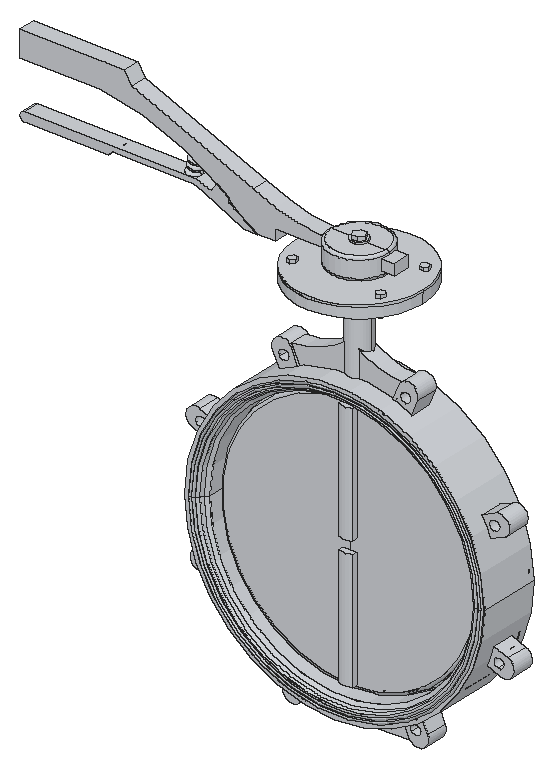
Revit family "R59FLY020", category Plumbing Fixtures, Revit 2015
Reference planes
  plane 1 "Center (Front/Back)": y = 0
  plane 2: z = 0
  plane 3 "Center (Left/Right)": x = 0
  plane 4: z = 237
  plane 5: x = -326
  plane 6: z = 336
  plane 7: z = -160
  plane 8: z = -30
  plane 9: z = 267
  plane 10: z = -30
  plane 11: y = -30.238
  plane 12: y = 29.762
  plane 13: x = -28.994
Forms (mm)
  Extrusion 1, solid
    sketch origin (0, 0, 227) x (1, 0, 0) y (0, 1, 0)
      loop
        circle (0, 0) r 62.5
    from 0 to 10
  Extrusion 2, solid
    sketch origin (0, 45.948, -43.573) x (1, 0, 0) y (0, 0, 1)
      loop
        arc (-96.679, 319.319) -> (-155.338, 346.454) -> (-216.371, 367.714) r 659.286
        line (-216.371, 367.714) -> (-223.218, 379.573) -> (-326, 379.573) -> (-326, 353.639) -> (-247.687, 353.639)
        arc (-247.687, 353.639) -> (-166.02, 330.17) -> (-97.024, 280.573) r 248.649
        line (-97.024, 280.573) -> (-75.568, 280.573) -> (-75.568, 291.199) -> (41.486, 291.199) -> (41.486, 302.179) -> (-30.767, 302.179)
        arc (-30.767, 302.179) -> (-64.704, 306.978) -> (-96.679, 319.319) r 150.722
    from 37.966 to 54.11
  Extrusion 3, solid
    sketch origin (-57.783, 45.948, -113.087) x (1, 0, 0) y (0, 0, 1)
      loop
        line (-96.037, 377.009) -> (-263.953, 377.009)
        arc (-263.953, 377.009) -> (-268.221, 372.741) -> (-263.953, 368.473) r 4.268
        line (-263.953, 368.473) -> (-181.017, 368.473) -> (-177.189, 372.301) -> (-103.305, 372.301)
        arc (-103.305, 372.301) -> (-95.507, 371.471) -> (-88.058, 369.019) r 37.057
        arc (-88.058, 369.019) -> (-68.407, 360.05) -> (-49.241, 350.087) r 421.945
        line (-49.241, 350.087) -> (-34.866, 350.087)
        arc (-34.866, 350.087) -> (-48.985, 359.43) -> (-64, 367.252) r 162.429
        line (-64, 367.252) -> (-63.437, 371.843) -> (-74.98, 380.231) -> (-80.609, 372.485)
        arc (-80.609, 372.485) -> (-88.159, 375.309) -> (-96.037, 377.009) r 55.494
    from 37.966 to 54.11
  Extrusion 4, solid
    sketch origin (0, 0, -76.95) x (1, 0, 0) y (0, 1, 0)
      loop
        circle (0, 0) r 12
    from 189.916 to 303.95
  Revolve 5, solid
    sketch origin (0, 0, 0) x (0, 1, 0) y (0, 0, 1)
      loop
        line (-1.078, -130.418) -> (1.078, -130.418) -> (1.078, -129.484)
        arc (1.078, -129.484) -> (1.953, -128.051) -> (3.478, -127.347) r 2.888
        line (3.478, -127.347) -> (6.599, -127.347)
        arc (6.599, -127.347) -> (9.772, -125.606) -> (11.11, -122.243) r 5.351
        line (11.11, -122.243) -> (11.11, 0) -> (-11.11, 0) -> (-11.11, -124.678)
        arc (-11.11, -124.678) -> (-10.328, -126.565) -> (-8.44, -127.347) r 2.67
        line (-8.44, -127.347) -> (-3.478, -127.347)
        arc (-3.478, -127.347) -> (-1.953, -128.051) -> (-1.078, -129.484) r 2.888
        line (-1.078, -129.484) -> (-1.078, -130.418)
      axis (11.11, 0) -> (-11.11, 0)
    angle from 0 to 360
  Blend 6, solid
    base sketch origin (0, 0, -4.163) x (1, 0, 0) y (0, 1, 0)
      loop
        line (-6.883, 16.4) -> (-6.883, -16.4)
        arc (-6.883, -16.4) -> (0, -18.078) -> (6.883, -16.4) r 14.953
        line (6.883, -16.4) -> (6.883, 16.4)
        arc (6.883, 16.4) -> (0, 18.078) -> (-6.883, 16.4) r 14.953
    top sketch origin (0, 0, 0) x (1, 0, 0) y (0, 1, 0)
      loop
        line (-6.883, 16.4) -> (-6.883, -16.4)
        arc (-6.883, -16.4) -> (0, -18.078) -> (6.883, -16.4) r 14.953
        line (6.883, -16.4) -> (6.883, 16.4)
        arc (6.883, 16.4) -> (0, 18.078) -> (-6.883, 16.4) r 14.953
    from 10.163 to 122.299
  Blend 7, solid
    base sketch origin (0, 0, -38.601) x (0, -1, 0) y (1, 0, 0)
      loop
        line (-16.4, -6.883) -> (16.4, -6.883)
        arc (16.4, -6.883) -> (18.078, 0) -> (16.4, 6.883) r 14.953
        line (16.4, 6.883) -> (-16.4, 6.883)
        arc (-16.4, 6.883) -> (-18.078, 0) -> (-16.4, -6.883) r 14.953
    top sketch origin (0, 0, -35.117) x (0, -1, 0) y (1, 0, 0)
      loop
        line (-16.4, -6.883) -> (16.4, -6.883)
        arc (16.4, -6.883) -> (18.078, 0) -> (16.4, 6.883) r 14.953
        line (16.4, 6.883) -> (-16.4, 6.883)
        arc (-16.4, 6.883) -> (-18.078, 0) -> (-16.4, -6.883) r 14.953
    from -83.937 to 29.117
  Extrusion 8, solid
    sketch origin (-36.07, 0, 75.328) x (0.99863, 0, -0.052336) y (0.052336, 0, 0.99863)
      loop
        line (-18.251, 60.114) -> (-25.459, 74.264)
        arc (-25.459, 74.264) -> (-38.908, 78.635) -> (-43.28, 65.186) r 10
        line (-43.28, 65.186) -> (-36.072, 51.036) -> (-18.251, 60.114)
      loop
        circle (-32.1, 65.269) r 5
    from -10.546 to 10.991
  Extrusion 9, solid
    sketch origin (27.76, 0, 78.77) x (0.669131, 0, -0.743145) y (0.743145, 0, 0.669131)
      loop
        line (-18.251, 60.114) -> (-25.459, 74.264)
        arc (-25.459, 74.264) -> (-38.908, 78.635) -> (-43.28, 65.186) r 10
        line (-43.28, 65.186) -> (-36.072, 51.036) -> (-18.251, 60.114)
      loop
        circle (-32.1, 65.269) r 5
    from -10.546 to 10.991
  Extrusion 10, solid
    sketch origin (75.328, 0, 36.07) x (-0.052336, 0, -0.99863) y (0.99863, 0, -0.052336)
      loop
        line (-18.251, 60.114) -> (-25.459, 74.264)
        arc (-25.459, 74.264) -> (-38.908, 78.635) -> (-43.28, 65.186) r 10
        line (-43.28, 65.186) -> (-36.072, 51.036) -> (-18.251, 60.114)
      loop
        circle (-32.1, 65.269) r 5
    from -10.546 to 10.991
  Extrusion 11, solid
    sketch origin (78.77, 0, -27.76) x (-0.743145, 0, -0.669131) y (0.669131, 0, -0.743145)
      loop
        line (-18.251, 60.114) -> (-25.459, 74.264)
        arc (-25.459, 74.264) -> (-38.908, 78.635) -> (-43.28, 65.186) r 10
        line (-43.28, 65.186) -> (-36.072, 51.036) -> (-18.251, 60.114)
      loop
        circle (-32.1, 65.269) r 5
    from -10.546 to 10.991
  Extrusion 12, solid
    sketch origin (36.07, 0, -75.328) x (-0.99863, 0, 0.052336) y (-0.052336, 0, -0.99863)
      loop
        line (-18.251, 60.114) -> (-25.459, 74.264)
        arc (-25.459, 74.264) -> (-38.908, 78.635) -> (-43.28, 65.186) r 10
        line (-43.28, 65.186) -> (-36.072, 51.036) -> (-18.251, 60.114)
      loop
        circle (-32.1, 65.269) r 5
    from -10.546 to 10.991
  Extrusion 13, solid
    sketch origin (-27.76, 0, -78.77) x (-0.669131, 0, 0.743145) y (-0.743145, 0, -0.669131)
      loop
        line (-18.251, 60.114) -> (-25.459, 74.264)
        arc (-25.459, 74.264) -> (-38.908, 78.635) -> (-43.28, 65.186) r 10
        line (-43.28, 65.186) -> (-36.072, 51.036) -> (-18.251, 60.114)
      loop
        circle (-32.1, 65.269) r 5
    from -10.546 to 10.991
  Extrusion 14, solid
    sketch origin (-75.328, 0, -36.07) x (0.052336, 0, 0.99863) y (-0.99863, 0, 0.052336)
      loop
        line (-18.251, 60.114) -> (-25.459, 74.264)
        arc (-25.459, 74.264) -> (-38.908, 78.635) -> (-43.28, 65.186) r 10
        line (-43.28, 65.186) -> (-36.072, 51.036) -> (-18.251, 60.114)
      loop
        circle (-32.1, 65.269) r 5
    from -10.546 to 10.991
  Extrusion 15, solid
    sketch origin (-78.77, 0, 27.76) x (0.743145, 0, 0.669131) y (-0.669131, 0, 0.743145)
      loop
        line (-18.251, 60.114) -> (-25.459, 74.264)
        arc (-25.459, 74.264) -> (-38.908, 78.635) -> (-43.28, 65.186) r 10
        line (-43.28, 65.186) -> (-36.072, 51.036) -> (-18.251, 60.114)
      loop
        circle (-32.1, 65.269) r 5
    from -10.546 to 10.991
  Extrusion 16, solid
    sketch origin (80.376, -27.447, 239) x (0, -1, 0) y (1, 0, 0)
      loop
        line (3.99, -123.113) -> (0.805, -120.344) -> (-3.184, -121.718) -> (-3.99, -125.86) -> (-0.805, -128.628) -> (3.184, -127.254) -> (3.99, -123.113)
    from 0 to 3
  Extrusion 17, solid
    sketch origin (80.376, -27.447, 219) x (0, -1, 0) y (1, 0, 0)
      loop
        circle (0, -124.486) r 3
    from 2.505 to 20
  Extrusion 18, solid
    sketch origin (80.376, -27.447, 226) x (0, -1, 0) y (1, 0, 0)
      loop
        line (3.99, -123.113) -> (0.805, -120.344) -> (-3.184, -121.718) -> (-3.99, -125.86) -> (-0.805, -128.628) -> (3.184, -127.254) -> (3.99, -123.113)
      loop
        line (-3.444, -125.672) -> (-0.695, -128.061) -> (2.749, -126.876) -> (3.444, -123.301) -> (0.695, -120.911) -> (-2.749, -122.097) -> (-3.444, -125.672)
    from -1.968 to 1
  Extrusion 19, solid, not visible
    sketch origin (26.117, -96.518, 104.233) x (0, -1, 0) y (1, 0, 0)
      loop
        line (3.99, -123.113) -> (0.805, -120.344) -> (-3.184, -121.718) -> (-3.99, -125.86) -> (-0.805, -128.628) -> (3.184, -127.254) -> (3.99, -123.113)
    from 0 to 3
  Extrusion 20, solid, not visible
    sketch origin (26.117, -96.518, 84.233) x (0, -1, 0) y (1, 0, 0)
      loop
        circle (0, -124.486) r 3
    from 2.505 to 20
  Extrusion 21, solid, not visible
    sketch origin (26.117, -96.518, 91.233) x (0, -1, 0) y (1, 0, 0)
      loop
        line (3.99, -123.113) -> (0.805, -120.344) -> (-3.184, -121.718) -> (-3.99, -125.86) -> (-0.805, -128.628) -> (3.184, -127.254) -> (3.99, -123.113)
      loop
        line (-3.444, -125.672) -> (-0.695, -128.061) -> (2.749, -126.876) -> (3.444, -123.301) -> (0.695, -120.911) -> (-2.749, -122.097) -> (-3.444, -125.672)
    from -1.968 to 1
  Extrusion 22, solid
    sketch origin (0, 0, 237) x (1, 0, 0) y (0, 1, 0)
      loop
        circle (0, 0) r 62.5
    from 0 to 2
  Extrusion 23, solid
    sketch origin (80.376, -27.447, 239) x (0, -1, 0) y (1, 0, 0)
      loop
        line (-58.884, -123.113) -> (-58.079, -127.254) -> (-54.09, -128.628) -> (-50.905, -125.86) -> (-51.71, -121.718) -> (-55.7, -120.344) -> (-58.884, -123.113)
    from 0 to 3
  Extrusion 24, solid
    sketch origin (80.376, -27.447, 219) x (0, -1, 0) y (1, 0, 0)
      loop
        circle (-54.895, -124.486) r 3
    from 2.505 to 20
  Extrusion 25, solid
    sketch origin (80.376, -27.447, 226) x (0, -1, 0) y (1, 0, 0)
      loop
        line (-58.884, -123.113) -> (-58.079, -127.254) -> (-54.09, -128.628) -> (-50.905, -125.86) -> (-51.71, -121.718) -> (-55.7, -120.344) -> (-58.884, -123.113)
      loop
        line (-51.451, -125.672) -> (-52.146, -122.097) -> (-55.59, -120.911) -> (-58.339, -123.301) -> (-57.644, -126.876) -> (-54.2, -128.061) -> (-51.451, -125.672)
    from -1.968 to 1
  Extrusion 26, solid
    sketch origin (-81.626, 27.447, 239) x (0, 1, 0) y (-1, 0, 0)
      loop
        line (-58.884, -123.113) -> (-58.079, -127.254) -> (-54.09, -128.628) -> (-50.905, -125.86) -> (-51.71, -121.718) -> (-55.7, -120.344) -> (-58.884, -123.113)
    from 0 to 3
  Extrusion 27, solid
    sketch origin (-81.626, 27.447, 219) x (0, 1, 0) y (-1, 0, 0)
      loop
        circle (-54.895, -124.486) r 3
    from 2.505 to 20
  Extrusion 28, solid
    sketch origin (-81.626, 27.447, 226) x (0, 1, 0) y (-1, 0, 0)
      loop
        line (-58.884, -123.113) -> (-58.079, -127.254) -> (-54.09, -128.628) -> (-50.905, -125.86) -> (-51.71, -121.718) -> (-55.7, -120.344) -> (-58.884, -123.113)
      loop
        line (-51.451, -125.672) -> (-52.146, -122.097) -> (-55.59, -120.911) -> (-58.339, -123.301) -> (-57.644, -126.876) -> (-54.2, -128.061) -> (-51.451, -125.672)
    from -1.968 to 1
  Extrusion 29, solid
    sketch origin (-81.626, 27.447, 239) x (0, 1, 0) y (-1, 0, 0)
      loop
        line (3.99, -123.113) -> (0.805, -120.344) -> (-3.184, -121.718) -> (-3.99, -125.86) -> (-0.805, -128.628) -> (3.184, -127.254) -> (3.99, -123.113)
    from 0 to 3
  Extrusion 30, solid
    sketch origin (-81.626, 27.447, 219) x (0, 1, 0) y (-1, 0, 0)
      loop
        circle (0, -124.486) r 3
    from 2.505 to 20
  Extrusion 31, solid
    sketch origin (-81.626, 27.447, 226) x (0, 1, 0) y (-1, 0, 0)
      loop
        line (3.99, -123.113) -> (0.805, -120.344) -> (-3.184, -121.718) -> (-3.99, -125.86) -> (-0.805, -128.628) -> (3.184, -127.254) -> (3.99, -123.113)
      loop
        line (-3.444, -125.672) -> (-0.695, -128.061) -> (2.749, -126.876) -> (3.444, -123.301) -> (0.695, -120.911) -> (-2.749, -122.097) -> (-3.444, -125.672)
    from -1.968 to 1
  Extrusion 32, solid
    sketch origin (125.063, -27.447, 264.144) x (0, -1, 0) y (1, 0, 0)
      loop
        line (-32.638, -122.069) -> (-32.638, -128.062) -> (-27.447, -131.059) -> (-22.257, -128.062) -> (-22.257, -122.069) -> (-27.447, -119.072) -> (-32.638, -122.069)
    from -1.014 to 2.856
  Extrusion 33, solid
    sketch origin (124.477, -54.895, 259.2) x (0, -1, 0) y (1, 0, 0)
      loop
        circle (-54.895, -124.486) r 8
    from -22.2 to 3.931
  Sweep 34, solid
    path origin (0, 0, 0) x (1, 0, 0) y (0, 0, 1)
      loop
        circle (0, 0) r 147
    profile origin (0, 0, -147) x (0, 0, 1) y (0, -1, 0)
      loop
        line (16.683, -20.451) -> (16.683, 20.795) -> (13.454, 24.024) -> (12.517, 27.521) -> (10.888, 29.863) -> (9.28, 29.863)
        arc (9.28, 29.863) -> (8.267, 30.877) -> (7.253, 29.863) r 1.014
        line (7.253, 29.863) -> (5.98, 29.863)
        arc (5.98, 29.863) -> (4.966, 30.877) -> (3.952, 29.863) r 1.014
        line (3.952, 29.863) -> (0.625, 29.863) -> (0.625, -29.52) -> (3.952, -29.52)
        arc (3.952, -29.52) -> (4.966, -30.533) -> (5.98, -29.52) r 1.014
        line (5.98, -29.52) -> (7.253, -29.52)
        arc (7.253, -29.52) -> (8.267, -30.533) -> (9.28, -29.52) r 1.014
        line (9.28, -29.52) -> (10.888, -29.52) -> (12.517, -27.178) -> (13.454, -23.68) -> (16.683, -20.451)
  Extrusion 35, solid
    sketch origin (0, 0, 83.715) x (1, 0, 0) y (0, 0, 1)
      loop
        line (-54.957, 51.425) -> (42.349, 51.425) -> (51.106, 74.229)
        arc (51.106, 74.229) -> (24.372, 78.6) -> (1.583, 93.246) r 66.671
        line (1.583, 93.246) -> (1.583, 72.112) -> (-1.691, 72.112) -> (-1.691, 93.246)
        arc (-1.691, 93.246) -> (-30.005, 76.715) -> (-62.107, 70.046) r 101.752
        line (-62.107, 70.046) -> (-54.957, 51.425)
    from -7.881 to 9.454
  Extrusion 36, solid
    sketch origin (-2.813, 0.293, -41.182) x (1, 0, 0) y (0, 0, 1)
      loop
        line (63.15, -112.222) -> (55.942, -96.032) -> (-40.634, -96.032) -> (-48.346, -116.116) -> (63.15, -112.222)
    from -9.388 to 9.974
  Revolve 37, solid
    sketch origin (0, 0, 97) x (1, 0, 0) y (0, 0, 1)
      loop
        line (-26.486, 143.746) -> (0, 143.746) -> (0, 165) -> (-26.486, 165)
        arc (-26.486, 165) -> (-28.259, 164.265) -> (-28.994, 162.492) r 2.508
        line (-28.994, 162.492) -> (-28.994, 146.254)
        arc (-28.994, 146.254) -> (-28.259, 144.481) -> (-26.486, 143.746) r 2.508
      axis (0, 143.746) -> (0, 165)
    angle from 0 to 360
  Sweep 38, solid
    path origin (-68.156, 0, 263.496) x (0.978732, 0, -0.205142) y (0, 1, 0)
      loop
        circle (-92.344, 0) r 5
    profile origin (-158.536, 5, 282.439) x (0, -1, 0) y (0.205142, 0, 0.978732)
      loop
        circle (0, 0) r 2
  Sweep 39, solid
    path origin (-69.24, 0, 257.236) x (0.978732, 0, -0.205142) y (0, 1, 0)
      loop
        circle (-92.344, 0) r 5
    profile origin (-159.62, 5, 276.18) x (0, -1, 0) y (0.205142, 0, 0.978732)
      loop
        circle (0, 0) r 2
  Sweep 40, solid
    path origin (-70.258, 0, 251.62) x (0.978732, 0, -0.205142) y (0, 1, 0)
      loop
        circle (-92.344, 0) r 5
    profile origin (-160.638, 5, 270.564) x (0, -1, 0) y (0.205142, 0, 0.978732)
      loop
        circle (0, 0) r 2
  Sweep 41, solid
    path origin (-71.686, 0, 244.994) x (0.978732, 0, -0.205142) y (0, 1, 0)
      loop
        circle (-92.344, 0) r 5
    profile origin (-162.066, 5, 263.938) x (0, -1, 0) y (0.205142, 0, 0.978732)
      loop
        circle (0, 0) r 2
  Sweep 42, solid
    path origin (-0.002, 0, 0) x (1, 0, 0) y (0, 0, 1)
      loop
        circle (0, 0) r 147
    profile origin (-0.002, 0, -147) x (0, 0, 1) y (0, -1, 0)
      loop
        line (0, 30.238) -> (0, -29.762) -> (3.899, -29.762) -> (3.899, 30.238) -> (0, 30.238)
Dimensions and locks
  locked: plane 2 to plane 4 at 237
  plane 3 "Center (Left/Right)" to plane 5 = 326 mm
  locked: level to plane 6 at 336
  plane 7 to level = 160 mm
  locked: plane 4 to plane 9 at 30
  plane 12 to plane 11 = 60 mm
  aligned and locked: level to plane 2
